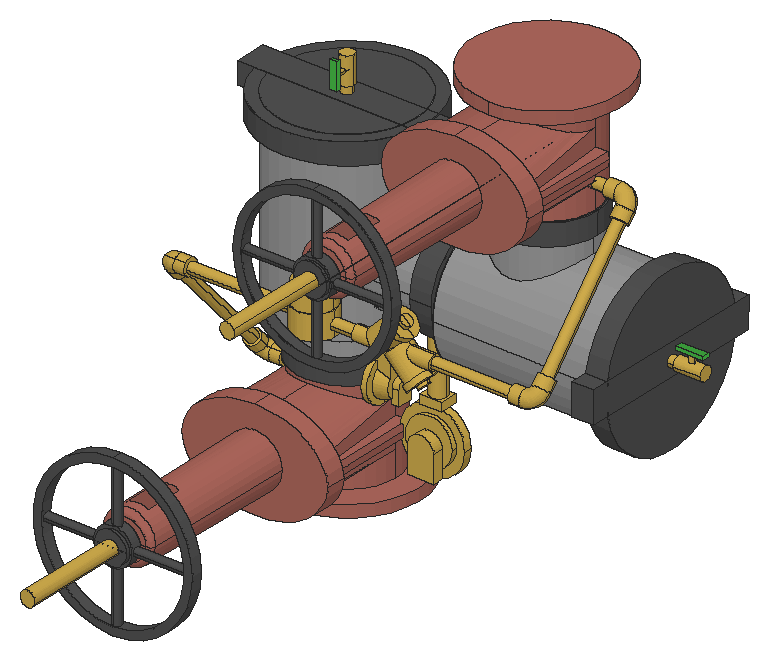
Revit family "Backflow_Preventer-RP-Zurn_Wilkins_Model_475STDAV_Flanged (4-10_inch)", category Pipe Accessories, Revit 2022 (continued)
Definition of nested family "Gate Valve_475_OSY"
  Dimensions and locks (in)
    locked: plane 1 "Center (Front/Back)" to Extrusion 9 sketch curve
    locked: plane 1 "Center (Front/Back)" to Extrusion 10 sketch curve  (x3)
    locked: plane 3 "Center (Left/Right)" to Extrusion 10 sketch curve  (x3)
    "Ball Valve Length": plane 42 to plane 1 "Center (Front/Back)"
    "Ball Valve Radius": level to plane 43
    equal spacing: plane 44, plane 1 "Center (Front/Back)", plane 45
    "Masking Length": plane 44 to plane 45
    equal spacing: Masking region 1 sketch curve, plane 1 "Center (Front/Back)", Masking region 1 sketch curve  (x3)
    "Hand Wheel Diameter": Masking region 1 sketch curve to Masking region 1 sketch curve
    "Housing Bottom Radius": Masking region 1 sketch curve to plane 1 "Center (Front/Back)"
    "Handle Height": Extrusion 10 to Masking region 1 sketch curve
    "Screw dia": Masking region 1 sketch curve to plane 1 "Center (Front/Back)"
    "Body Radius": radius of Extrusion 1 sketch curve
    "Flange Radius": radius of Extrusion 2 sketch curve
    "Body Radius": radius of Extrusion 3 sketch curve
    "Hand Wheel Radius": radius of Extrusion 10 sketch curve
    radius of Extrusion 10 sketch curve = 0' - 1 3/4"
    "Spoke Width": radius of Extrusion 10 sketch curve
    "Screw dia": radius of Extrusion 6 sketch curve
    radius of Extrusion 9 sketch curve = 0' - 1 1/2"
    "Flange Radius": radius of Masking region 1 sketch curve
    aligned: plane 5 "Right" to Extrusion 1
    aligned: Extrusion 1 to plane 4 "Left"
    aligned and locked: Extrusion 1 to plane 7 "Flange Left"
    aligned and locked: plane 8 "Flange Right" to Extrusion 1
    aligned and locked: Extrusion 2 to plane 4 "Left"
    aligned and locked: plane 7 "Flange Left" to Extrusion 2
    aligned and locked: plane 5 "Right" to Extrusion 3
    aligned and locked: plane 9 "Horizontal Flange" to Extrusion 4
    aligned and locked: Extrusion 4 to plane 12 "Horizontal Flange Bottom"
    aligned and locked: Extrusion 3 to plane 8 "Flange Right"
    aligned and locked: Extrusion 3 to plane 5 "Right"
    aligned and locked: plane 4 "Left" to Extrusion 2
    aligned and locked: Extrusion 2 to plane 7 "Flange Left"
    aligned and locked: plane 13 to Extrusion 4 sketch curve
    aligned and locked: plane 8 "Flange Right" to Extrusion 4 sketch curve
    aligned and locked: plane 7 "Flange Left" to Extrusion 4 sketch curve
    aligned and locked: plane 14 to Extrusion 4 sketch curve
    aligned and locked: plane 20 to Blend 5 sketch curve  (x2)
    aligned and locked: Blend 5 sketch curve to plane 21  (x2)
    aligned: Blend 5 to plane 30
    aligned and locked: curve 3 to plane 14
    aligned and locked: curve 4 to plane 7 "Flange Left"
    aligned and locked: plane 4 "Left" to curve 2
    aligned and locked: plane 12 "Horizontal Flange Bottom" to Blend 5
    aligned and locked: Blend 5 to level
    aligned and locked: Revolve 7 sketch curve to plane 38
    aligned and locked: plane 39 to Extrusion 8 sketch curve
    aligned and locked: plane 40 to Extrusion 8 sketch curve
    aligned and locked: plane 9 "Horizontal Flange" to cut or joined group of Revolve 7, Extrusion 8
    aligned and locked: plane 6 to Extrusion 6
    aligned and locked: plane 37 to Revolve 11 sketch curve
    aligned and locked: Revolve 11 sketch curve to plane 37
    aligned and locked: plane 37 to Revolve 12 sketch curve
    aligned and locked: Extrusion 6 to level
    aligned and locked: plane 1 "Center (Front/Back)" to Revolve 7 sketch curve
    aligned and locked: Revolve 7 sketch curve to Revolve 7 sketch curve
    aligned and locked: curve 1 to plane 13
    aligned and locked: Masking region 1 sketch curve to Extrusion 10  (x2)
    aligned and locked: Masking region 1 sketch curve to plane 9 "Horizontal Flange"  (x2)
    aligned and locked: Masking region 1 sketch curve to plane 16
    aligned and locked: plane 12 "Horizontal Flange Bottom" to Masking region 1 sketch curve  (x2)
    aligned and locked: Masking region 1 sketch curve to plane 13
    aligned and locked: plane 1 "Center (Front/Back)" to Masking region 1 sketch curve
    aligned and locked: level to Masking region 1 sketch curve
    aligned and locked: plane 12 "Horizontal Flange Bottom" to Masking region 1
    aligned and locked: plane 17 to Masking region 1 sketch curve
    aligned and locked: Masking region 1 sketch curve to plane 14
    aligned and locked: Masking region 1 sketch curve to Masking region 1 sketch curve
    aligned and locked: Masking region 1 to plane 6
  Automatic sketch dimensions
    Extrusion 4 sketch curve to plane 3 "Center (Left/Right)" = 0' - 0"  (x2)
    plane 1 "Center (Front/Back)" to Extrusion 4 sketch curve = 0' - 0"  (x2)
    plane 1 "Center (Front/Back)" to Blend 5 sketch curve = 0' - 0"  (x10)
    Blend 5 sketch curve to plane 18 = 0' - 0"  (x2)
    Blend 5 sketch curve to plane 28 = 0' - 0"  (x2)
    Blend 5 sketch curve to plane 29 = 0' - 0"  (x2)
    Blend 5 sketch curve to plane 3 "Center (Left/Right)" = 0' - 0"  (x12)
    Blend 5 sketch curve to plane 19 = 0' - 0"  (x2)
    Blend 5 sketch curve to plane 17 = 0' - 0"  (x14)
    plane 17 to Blend 5 sketch curve = 0' - 0.08399"  (x2)
    Blend 5 sketch curve to plane 3 "Center (Left/Right)" = 0' - 0 5/8"  (x4)
    Blend 5 sketch curve to plane 16 = 0' - 0.08399"  (x4)
    plane 3 "Center (Left/Right)" to Blend 5 sketch curve = 0' - 0 5/8"  (x4)
    Blend 5 sketch curve to Blend 5 sketch curve = 0' - 0.08399"
    Blend 5 sketch curve to Blend 5 sketch curve = 0' - 0.41601"
    plane 38 to Revolve 7 sketch curve = 0' - 0 1/2"
    plane 38 to Revolve 7 sketch curve = 0' - 0.48903"
    Revolve 7 sketch curve to plane 30 = 0' - 3 15/16"
    Revolve 7 sketch curve to plane 37 = 0' - 0 3/8"
    plane 37 to Revolve 7 sketch curve = 0' - 0 7/8"
    Revolve 11 sketch curve to plane 33 = 0' - 0 1/4"
    plane 33 to Revolve 11 sketch curve = 0' - 0 1/2"
    Revolve 12 sketch curve to plane 37 = 0' - 0"
    Revolve 12 sketch curve to Revolve 12 sketch curve = 0' - 0 1/4"
    Revolve 12 sketch curve to Revolve 12 sketch curve = 0' - 1 1/4"
    Masking region 1 sketch curve to plane 6 = 0' - 0"
Definition of nested family "475STDAV Bypass"
  Parameters (values of type "DA Bypass")
    Weight = ""
    Relief = 0' - 3"
    Pipe fitting length [instance] = DA length + 0' 4"  # 3' - 1"
    Pipe fitting Height [instance] = 1' - 4"
    Pipe angle = 42.00°
    Pipe Fitting Bottom Width [instance] = 1' - 0"
    Model = "10\" By-Pass Backflow Assembly"
    Manufacturer = "Zurn Wilkins"
    MR Length [instance] = 3' - 2 1/2"
    MR Height [instance] = 1' - 1 1/2"
    Loss Method = (empty or 0)
    Description = "10\" By-Pass Backflow Assembly"
    Default Elevation = 0' - 0"
    DA length [instance] = 2' - 9"
    DA Strainer Distence from Middle = 0' - 0 3/4"
    DA Radius = 0' - 1 29/32"
    DA Length = 2' - 10 1/2"
    DA Distance from Middle = 0' - 3 1/2"
    DA Distance from Center = 0' - 10 1/2"
    Assembly Code = ""
  Reference planes (in)
    plane 1 "Center (Front/Back)": y = -3.06876
    plane 2: z = 0
    plane 3 "Center (Left/Right)": x = -2.01587
    plane 4 "DA top": z = 0
    plane 5: y = 7.43124
    plane 6: y = 0.0006
    plane 7: x = -1.26587
    plane 8: x = 9.39724
    plane 9: z = 0
    plane 10: z = 17.40667
    plane 11: y = 7.43124
    plane 12: x = -5.51587
    plane 13: x = -18.51587
    plane 14: x = 14.48413
    plane 15: through (0, 7.43124, 0) normal (0, -0.7431, -0.6691)
    plane 16: through (0, 7.73591, 0.282) normal (0, 0.6691, -0.7431)
    plane 17 "End": y = 5.52499
    plane 18: y = 19.02499
    plane 19: x = -21.26587
    plane 20: x = 17.23413
    plane 21: y = 6.64999
    plane 22: y = 6.08749
    plane 23: x = 5.60913
    plane 24: x = 4.67163
    plane 25: x = -0.17212
    plane 26: x = 0.42163
    plane 27: z = -3
    plane 28: x = 1.35419
    plane 29: y = 5.985
    plane 30: through (0, 7.43124, 0) normal (0, 0.7431, -0.6691)
    plane 31: through (0, 7.12657, 0.282) normal (0, 0.6691, 0.7431)
  Forms (in)
    Revolve 1, solid, detail levels fine
      sketch origin (-1.69517, 7.43124, -8.68954) x (1, 0, 0) y (0, 0, 1)
        loop
          line (2.25669, 8.81624) -> (4.73201, 11.29156) -> (4.3615, 11.66207) -> (4.11531, 11.41588) -> (3.54468, 11.98651) -> (3.16996, 11.61179) -> (3.29442, 11.48733) -> (1.44001, 9.63292) -> (2.25669, 8.81624)
        axis (2.25669, 8.81624) -> (4.73201, 11.29156)
      angle from 0 to 360
    Revolve 2, solid, detail levels fine
      sketch origin (-8.13314, 7.43124, 2.61426) x (0, 0, -1) y (1, 0, 0)
        loop
          line (2.42492, 10.365) -> (4.90023, 12.84031) -> (4.52973, 13.21082) -> (4.28354, 12.96464) -> (3.71291, 13.53527) -> (3.33819, 13.16055) -> (3.46265, 13.03608) -> (1.60824, 11.18168) -> (2.42492, 10.365)
        axis (2.42492, 10.365) -> (4.90023, 12.84031)
      angle from 0 to 360
    Revolve 3, solid, detail levels fine
      sketch origin (0.85229, 7.43124, -8.18323) x (1, 0, 0) y (0, 0, 1)
        loop
          line (-2.39177, 8.18323) -> (4.76633, 8.18323) -> (4.76633, 8.85367) -> (-2.39177, 8.85367) -> (-2.39177, 8.18323)
        axis (-2.39177, 8.18323) -> (4.76633, 8.18323)
      angle from 0 to 360
    Revolve 4, solid, not visible, detail levels fine
      sketch origin (8.96794, 0.0006, 8.71713) x (1, 0, 0) y (0, 0, 1)
        loop
          line (2.25669, 8.81624) -> (4.73201, 11.29156) -> (4.3615, 11.66207) -> (4.11531, 11.41588) -> (3.54468, 11.98651) -> (3.16996, 11.61179) -> (3.29442, 11.48733) -> (1.44001, 9.63292) -> (2.25669, 8.81624)
        axis (2.25669, 8.81624) -> (4.73201, 11.29156)
      angle from 0 to 360
    Revolve 5, solid, not visible, detail levels fine
      sketch origin (2.52997, 0.0006, 20.02093) x (0, 0, -1) y (1, 0, 0)
        loop
          line (2.42492, 10.365) -> (4.90023, 12.84031) -> (4.52973, 13.21082) -> (4.28354, 12.96464) -> (3.71291, 13.53527) -> (3.33819, 13.16055) -> (3.46265, 13.03608) -> (1.60824, 11.18168) -> (2.42492, 10.365)
        axis (2.42492, 10.365) -> (4.90023, 12.84031)
      angle from 0 to 360
    Revolve 6, solid, not visible, detail levels fine
      sketch origin (11.5154, 0.0006, 9.22344) x (1, 0, 0) y (0, 0, 1)
        loop
          line (-2.39177, 8.18323) -> (4.76633, 8.18323) -> (4.76633, 8.85367) -> (-2.39177, 8.85367) -> (-2.39177, 8.18323)
        axis (-2.39177, 8.18323) -> (4.76633, 8.18323)
      angle from 0 to 360
    Sweep 7, solid, detail levels fine
      path origin (0, 0, 0) x (1, 0, 0) y (0, 1, 0)
        loop
          line (-18.51587, 7.43124) -> (14.48413, 7.43124)
      profile origin (-2.01587, 7.43124, 0) x (0, 1, 0) y (0, 0, 1)
        loop
          circle (0, 0) r 0.5
    Revolve 8, solid, detail levels fine
      sketch origin (-24.22257, 7.43124, 48) x (-1, 0, 0) y (0, 0, 1)
        loop
          line (-18.7067, -49.09375) -> (-16.80045, -49.09375) -> (-16.80045, -46.84375) -> (-16.8942, -46.84375) -> (-16.8942, -45.22607)
          arc (-16.8942, -45.22607) -> (-17.0794, -44.77895) -> (-17.52652, -44.59375) r 0.63232
          line (-17.52652, -44.59375) -> (-18.7067, -44.59375) -> (-18.7067, -49.09375)
        axis (-18.7067, -49.09375) -> (-18.7067, -44.59375)
      angle from 0 to 360
    Revolve 9, solid, detail levels fine
      sketch origin (-24.22257, 7.43124, 48) x (-1, 0, 0) y (0, 0, 1)
        loop
          line (-24.6442, -51) -> (-24.6442, -49) -> (-25.1442, -49) -> (-25.1442, -49.5625) -> (-26.3942, -49.89744) -> (-26.3942, -51) -> (-24.6442, -51)
        axis (-24.6442, -51) -> (-26.3942, -51)
      angle from 0 to 360
    Extrusion 10, solid, detail levels fine
      sketch origin (-2.01587, 0, -0.5) x (0, 1, 0) y (0, 0, 1)
        loop
          line (8.08749, -3.875) -> (8.08749, -2.5)
          arc (8.08749, -2.5) -> (7.43124, -1.84375) -> (6.77499, -2.5) r 0.65625
          line (6.77499, -2.5) -> (6.77499, -3.875) -> (8.08749, -3.875)
      from 4.1875 to 4.875
    Extrusion 11, solid, detail levels fine
      sketch origin (-2.01587, 0, 0) x (0, 1, 0) y (0, 0, 1)
        loop
          line (8.24396, 0) -> (6.61851, 0) -> (6.61851, -3) -> (8.24396, -3) -> (8.24396, 0)
      from 2.4375 to 4.1875
  Cuts and joins
    joined: Revolve 1, Revolve 2, Revolve 3, Sweep 7, Revolve 8
    joined: Revolve 9, Extrusion 10, Extrusion 11
  Lines and regions (in)
    Masking region 1, detail levels fine
      outline origin (0, 0, 0) x (1, 0, 0) y (0, 1, 0)
        loop
          line (-21.26587, 19.02499) -> (-21.26587, 6.64999) -> (-7.25468, 6.64999)
          arc (-7.25468, 6.64999) -> (-5.51587, 5.52499) -> (-3.77707, 6.64999) r 1.90625
          line (-3.77707, 6.64999) -> (-0.17212, 6.64999) -> (0.42163, 6.08749) -> (0.42163, 5.42917) -> (0.92163, 5.42917) -> (0.92163, 5.985) -> (1.35419, 6.08749) -> (4.67163, 6.08749) -> (5.60913, 6.64999) -> (17.23413, 6.64999) -> (17.23413, 19.02499) -> (-21.26587, 19.02499)
  Dimensions and locks (in)
    Revolve 2 sketch curve to Revolve 2 sketch curve to Revolve 3 to Revolve 2 sketch curve to Revolve 2 sketch curve = 0' - 0.34816" locked, 0' - 0.14971" locked, 0' - 0.38023" locked, 0' - 2.62253" locked
    Revolve 3 to Revolve 2 sketch curve to Revolve 2 sketch curve to Revolve 2 sketch curve to Revolve 2 sketch curve = 0' - 0.45588" locked, 0' - 0.17602" locked, 0' - 0.63098" locked, 0' - 0.52398" locked
    locked: Revolve 2 sketch curve to Revolve 3 at 0.91145
    Revolve 1 sketch curve to Revolve 1 sketch curve to Revolve 1 sketch curve to Revolve 1 sketch curve to Revolve 3 = 0' - 0.17602" locked, 0' - 0.63098" locked, 0' - 0.52398" locked, 0' - 3.19143" locked
    Revolve 1 sketch curve to Revolve 1 sketch curve to Revolve 1 sketch curve to Revolve 1 sketch curve to Revolve 3 = 0' - 0.34816" locked, 0' - 0.52994" locked, 0' - 2.62253" locked, 0' - 2.04929" locked
    Revolve 5 sketch curve to Revolve 5 sketch curve to Revolve 6 to Revolve 5 sketch curve to Revolve 5 sketch curve = 0' - 0.34816" locked, 0' - 0.14971" locked, 0' - 0.38023" locked, 0' - 2.62253" locked
    Revolve 6 to Revolve 5 sketch curve to Revolve 5 sketch curve to Revolve 5 sketch curve to Revolve 5 sketch curve = 0' - 0.45588" locked, 0' - 0.17602" locked, 0' - 0.63098" locked, 0' - 0.52398" locked
    locked: Revolve 5 sketch curve to Revolve 6 at 0.91145
    Revolve 4 sketch curve to Revolve 4 sketch curve to Revolve 4 sketch curve to Revolve 4 sketch curve to Revolve 6 = 0' - 0.17602" locked, 0' - 0.63098" locked, 0' - 0.52398" locked, 0' - 3.19143" locked
    Revolve 4 sketch curve to Revolve 4 sketch curve to Revolve 4 sketch curve to Revolve 4 sketch curve to Revolve 6 = 0' - 0.34816" locked, 0' - 0.52994" locked, 0' - 2.62253" locked, 0' - 2.04929" locked
    Revolve 3 sketch curve to plane 7 to Revolve 3 sketch curve = 0' - 6.88449" locked, 0' - 0.2736" locked
    locked: Revolve 3 sketch curve to Revolve 3 sketch curve at 0.67043
    Revolve 6 sketch curve to plane 8 to Revolve 6 sketch curve = 0' - 6.88449" locked, 0' - 0.2736" locked
    locked: Revolve 6 sketch curve to Revolve 6 sketch curve at 0.67043
    "DA Distance from Center": plane 11 to plane 1 "Center (Front/Back)"
    locked: level to Sweep 7 sketch curve
    "DA Strainer Distence from Middle": plane 3 "Center (Left/Right)" to plane 7
    "DA Distance from Middle": plane 12 to plane 3 "Center (Left/Right)"
    "DA Radius": Revolve 8 sketch curve to Revolve 8 sketch curve
    locked: Revolve 8 sketch curve to Revolve 8 sketch curve at 1.8125
    locked: Revolve 8 sketch curve to Revolve 8 sketch curve at 2.25  (x2)
    locked: level to Revolve 8 sketch curve at 1.09375
    Revolve 8 sketch curve to level = 0' - 1 5/32"
    equal spacing: plane 13, plane 3 "Center (Left/Right)", plane 14  (x2)
    "DA length": plane 13 to plane 14
    "DA Radius": plane 11 to plane 17 "End"
    "MR Height": plane 18 to plane 17 "End"
    plane 11 to plane 17 "End" = 0' - 1 29/32"
    equal spacing: plane 19, plane 3 "Center (Left/Right)", plane 20
    "MR Length": plane 19 to plane 20
    locked: plane 11 to plane 21 at 0.78125
    locked: plane 22 to plane 21 at 0.5625
    locked: plane 3 "Center (Left/Right)" to plane 25 at 1.84375
    locked: plane 25 to plane 26 at 0.59375
    locked: plane 3 "Center (Left/Right)" to plane 24 at 6.6875
    locked: plane 24 to plane 23 at 0.9375
    "Relief": level to plane 27
    locked: Revolve 9 sketch curve to plane 27 at 2
    locked: Revolve 9 sketch curve to plane 27 at 1.10256
    locked: Revolve 9 sketch curve to plane 27 at 1.4375
    equal spacing: Extrusion 10 sketch curve, plane 11, Extrusion 10 sketch curve
    locked: Extrusion 10 to Extrusion 10 at 0.6875
    locked: plane 26 to Revolve 9 sketch curve at 0.5
    locked: Revolve 9 sketch curve to Revolve 9 sketch curve at 1.75
    equal spacing: Extrusion 11 sketch curve, plane 11, Extrusion 11 sketch curve
    locked: Masking region 1 to plane 17 "End" at 0.09582
    locked: plane 26 to plane 28 at 0.93256
    locked: plane 17 "End" to plane 29 at 0.46002
    radius of Sweep 7 sketch curve = 0' - 0 1/2"
    radius of Revolve 8 sketch curve = 0' - 0.63232"
    radius of Masking region 1 sketch curve = 0' - 1 29/32"
    locked: Revolve 2 sketch curve to Revolve 3 (angle 45.00°)
    locked: Revolve 3 to Revolve 1 sketch curve (angle 45.00°)
    locked: Revolve 5 sketch curve to Revolve 6 (angle 45.00°)
    locked: Revolve 6 to Revolve 4 sketch curve (angle 45.00°)
    "Pipe angle": angle plane 15 to plane 11
    "Pipe angle": angle plane 16 to level
    angle plane 21 to plane 30 = 42.00°
    aligned and locked: plane 5 to Revolve 1
    aligned and locked: plane 5 to Revolve 3
    aligned and locked: plane 6 to Revolve 4
    aligned and locked: plane 6 to Revolve 6
    aligned and locked: plane 4 "DA top" to plane 9
    aligned and locked: level to plane 4 "DA top"
    aligned and locked: plane 11 to plane 5
    aligned and locked: Revolve 8 sketch curve to Revolve 8 sketch curve
    aligned and locked: plane 12 to Revolve 8 sketch curve
    aligned and locked: plane 13 to Sweep 7 sketch curve
    aligned and locked: plane 14 to Sweep 7 sketch curve
    aligned and locked: Masking region 1 sketch curve to plane 18
    aligned and locked: plane 19 to Masking region 1 sketch curve
    aligned and locked: plane 20 to Masking region 1 sketch curve
    aligned and locked: plane 21 to Masking region 1 sketch curve  (x5)
    aligned and locked: Masking region 1 sketch curve to plane 21
    aligned and locked: plane 25 to Masking region 1 sketch curve
    aligned and locked: plane 26 to Masking region 1 sketch curve
    aligned and locked: Masking region 1 sketch curve to plane 22
    aligned and locked: plane 22 to Masking region 1 sketch curve
    aligned and locked: plane 24 to Masking region 1 sketch curve
    aligned and locked: plane 23 to Masking region 1 sketch curve
    aligned and locked: plane 12 to Masking region 1 sketch curve
    aligned and locked: plane 11 to Masking region 1 sketch curve
    aligned and locked: plane 2 to level
    aligned and locked: Revolve 9 sketch curve to plane 27
    aligned and locked: plane 11 to Extrusion 10 sketch curve
    aligned and locked: plane 27 to Extrusion 10 sketch curve
    aligned and locked: plane 26 to Revolve 9 sketch curve
    aligned and locked: Extrusion 10 to Revolve 9
    aligned and locked: Extrusion 11 to plane 26
    aligned and locked: level to Extrusion 11
    aligned and locked: Extrusion 11 to plane 27
    aligned and locked: Revolve 9 to Extrusion 11
    aligned and locked: Masking region 1 sketch curve to cut or joined group of Revolve 9, Extrusion 10, Extrusion 11
    aligned and locked: plane 29 to Masking region 1 sketch curve
    aligned and locked: plane 28 to Masking region 1 sketch curve
    aligned and locked: nested 1 to plane 3 "Center (Left/Right)"
    aligned and locked: plane 15 to nested 1
    aligned and locked: plane 16 to nested 1
    aligned and locked: nested 2 to plane 31
    aligned and locked: nested 2 to plane 30
    aligned and locked: nested 2 to plane 3 "Center (Left/Right)"
  Automatic sketch dimensions
    plane 9 to Revolve 1 sketch curve = 0' - 0.1267"
    plane 9 to Revolve 1 sketch curve = 0' - 0.77703"
    plane 9 to Revolve 1 sketch curve = 0' - 1.37155"
    Revolve 2 sketch curve to Revolve 2 sketch curve = 0' - 0.1154"
    Revolve 2 sketch curve to plane 9 = 0' - 1.05551"
    Revolve 2 sketch curve to Revolve 2 sketch curve = 0' - 1.42624"
    Revolve 3 sketch curve to plane 9 = 0' - 0"  (x2)
    Revolve 3 sketch curve to Revolve 3 sketch curve = 0' - 0.94376"
    Revolve 3 sketch curve to Revolve 3 sketch curve = 0' - 1 1/4"
    plane 10 to Revolve 4 sketch curve = 0' - 0.1267"
    plane 10 to Revolve 4 sketch curve = 0' - 0.77703"
    plane 10 to Revolve 4 sketch curve = 0' - 1.37155"
    Revolve 5 sketch curve to Revolve 5 sketch curve = 0' - 0.1154"
    Revolve 5 sketch curve to plane 10 = 0' - 1.05551"
    Revolve 5 sketch curve to Revolve 5 sketch curve = 0' - 1.42624"
    Revolve 6 sketch curve to plane 10 = 0' - 0"  (x2)
    Revolve 6 sketch curve to Revolve 6 sketch curve = 0' - 0.94376"
    Revolve 6 sketch curve to Revolve 6 sketch curve = 0' - 1 1/4"
    Sweep 7 sketch curve to plane 5 = 0' - 0"
    Sweep 7 sketch curve to profile plane = 0' - 0"
    plane 21 to Extrusion 10 sketch curve = 0' - 0 1/8"
    Extrusion 10 sketch curve to plane 27 = 0' - 1 3/8"
    Revolve 9 sketch curve to plane 27 = 0' - 0"
    plane 26 to Revolve 9 sketch curve = 0' - 0 9/16"
    plane 12 to Revolve 9 sketch curve = 0' - 1 1/4"
    Extrusion 11 sketch curve to plane 21 = 0' - 0.03147"
    Extrusion 11 sketch curve to plane 27 = 0' - 0"
    plane 27 to Extrusion 11 sketch curve = 0' - 3"
    plane 17 "End" to Masking region 1 sketch curve = 0' - 0.09582"
    Revolve 8 sketch curve to level = 0' - 0.47137"
    Revolve 8 sketch curve to Revolve 8 sketch curve = 0' - 0.81868"
  Nested families (in)
    nested 1: "475STDAV" at (-2.01587, 12.78047, -5.94092) x (1, 0, 0) z (0, -0.6691, 0.7431), Bottom End Connection width <- "Pipe Fitting Bottom Width", Pipe Length <- "Pipe fitting length", Total pipe height <- "Pipe fitting Height", type "Pipe Fittings"
      with Total pipe height 1' - 4", Pipe Length 3' - 1", Bottom End Connection width 1' - 0"
    nested 2: "475STDAV_Right" at (-2.01587, 2.08201, -5.94092) x (1, 0, 0) z (0, 0.6691, 0.7431), Bottom End Connection width <- "Pipe Fitting Bottom Width", Pipe Length <- "Pipe fitting length", Total pipe height <- "Pipe fitting Height", type "Pipe Fittings"
      with Total pipe height 1' - 4", Pipe Length 3' - 1", Bottom End Connection width 1' - 0"
  Definition of nested family "475STDAV"
    Parameters (values of type "Pipe Fittings")
      Width = 1' - 0"
      URL = "www.zurn.com/"
      Total pipe height [instance] = 1' - 0"
      Top End Connection = 0' - 2"
      Repair Parts URL = ""
      Product data URL = ""
      Product Weight (lbs) = 0
      Product Page URL = ""
      Product Installation Sheet URL = ""
      Product Documentation Link = ""
      Pipe radius = 0' - 0 1/2"
      Pipe Length [instance] = 1' - 5"
      Nominal Radius = 0' - 0"
      Nominal Diameter = 0' - 0"
      Modified Data = ""
      Max Working Water Temperature = 0 °F
      Max Working Water Pressure = 0.00 psi
      Manufacturer Brand = "Zurn Wilkins"
      Manufacturer = "Zurn Water, LLC"
      Main Material = none
      Flow Rate (GPM) = 0 GPM
      Default Elevation = 0' - 0"
      Date Created = ""
      Bottom End Connection width [instance] = 0' - 8"
    Reference planes (in)
      plane 1 "Center (Front/Back)": y = 0
      plane 2: z = 0
      plane 3 "Center (Left/Right)": x = 0
      plane 4 "Left Side Plane": x = -8.5
      plane 5 "Right side Plane": x = 8.5
      plane 6 "Back Plane": y = 6
      plane 7 "Front Plane": y = -6
      plane 8 "Top Plane": z = 6
      plane 9 "Bottom Plane": z = -6
      plane 10: x = -6.5
      plane 11: x = 6.5
      plane 12: x = -4
      plane 13: x = 4
      plane 14: z = 18
    Forms (in)
      Sweep 1, solid, detail levels fine
        path origin (-1.25, 0, 0) x (1, 0, 0) y (0, 0, 1)
          loop
            line (-5.25, 6) -> (-6.5, 6)
            arc (-6.5, 6) -> (-7.03033, 5.78033) -> (-7.25, 5.25) r 0.75
            line (-7.25, 5.25) -> (-7.25, -5.25)
            arc (-7.25, -5.25) -> (-7.03033, -5.78033) -> (-6.5, -6) r 0.75
            line (-6.5, -6) -> (-2.75, -6)
        profile origin (-7.125, 0, 6) x (0, 0, -1) y (0, -1, 0)
          loop
            circle (0, 0) r 0.5
      Sweep 2, solid, detail levels fine
        path origin (0, 0, 0) x (1, 0, 0) y (0, 0, 1)
          loop
            line (-6.5, 6) -> (-7.5, 6)
            arc (-7.5, 6) -> (-8.20711, 5.70711) -> (-8.5, 5) r 1
            line (-8.5, 5) -> (-8.5, 4)
        profile origin (-7, 0, 6) x (0, 0, -1) y (0, -1, 0)
          loop
            circle (0, 0) r 0.75
      Sweep 3, solid, detail levels fine
        path origin (0, 0, 0) x (1, 0, 0) y (0, 0, 1)
          loop
            line (-6.5, -6) -> (-7.5, -6)
            arc (-7.5, -6) -> (-8.20711, -5.70711) -> (-8.5, -5) r 1
            line (-8.5, -5) -> (-8.5, -4)
        profile origin (-7, 0, -6) x (0, 0, -1) y (0, -1, 0)
          loop
            circle (0, 0) r 0.75
    Cuts and joins
      joined: Sweep 1, Sweep 2, Sweep 3
    Dimensions and locks (in)
      equal spacing: plane 5 "Right side Plane", plane 3 "Center (Left/Right)", plane 4 "Left Side Plane"
      "Pipe Length": plane 5 "Right side Plane" to plane 4 "Left Side Plane"
      equal spacing: plane 8 "Top Plane", plane 2, plane 9 "Bottom Plane"
      "Total pipe height": plane 8 "Top Plane" to plane 9 "Bottom Plane"
      equal spacing: plane 7 "Front Plane", plane 1 "Center (Front/Back)", plane 6 "Back Plane"
      "Width": plane 7 "Front Plane" to plane 6 "Back Plane"
      "Top End Connection": plane 10 to plane 4 "Left Side Plane"
      "Top End Connection": plane 5 "Right side Plane" to plane 11
      Sweep 2 sketch curve to plane 4 "Left Side Plane" = 0' - 2"
      plane 8 "Top Plane" to Sweep 2 sketch curve = 0' - 2"
      locked: Sweep 3 sketch curve to plane 9 "Bottom Plane" at 2
      locked: Sweep 3 sketch curve to plane 4 "Left Side Plane" at 2
      equal spacing: plane 13, plane 3 "Center (Left/Right)", plane 12
      "Bottom End Connection width": plane 13 to plane 12
      "Total pipe height": plane 14 to plane 8 "Top Plane"
      "Pipe radius": radius of Sweep 1 sketch curve
      aligned and locked: plane 2 to level
      aligned and locked: Sweep 1 sketch curve to plane 8 "Top Plane"
      aligned and locked: plane 9 "Bottom Plane" to Sweep 1 sketch curve
      aligned and locked: Sweep 1 sketch curve to plane 4 "Left Side Plane"
      aligned and locked: plane 10 to Sweep 1 sketch curve
      aligned and locked: plane 4 "Left Side Plane" to Sweep 3 sketch curve
      aligned and locked: Sweep 3 sketch curve to plane 9 "Bottom Plane"
      aligned and locked: plane 12 to Sweep 1 sketch curve
    Automatic sketch dimensions
      Sweep 1 sketch curve to Sweep 1 sketch curve = 0' - 0 3/4"
      plane 4 "Left Side Plane" to Sweep 1 sketch curve = 0' - 0 3/4"
      Sweep 2 sketch curve to plane 4 "Left Side Plane" = 0' - 0"
      Sweep 2 sketch curve to plane 8 "Top Plane" = 0' - 0"
      plane 4 "Left Side Plane" to Sweep 2 sketch curve = 0' - 1"
      Sweep 2 sketch curve to plane 1 "Center (Front/Back)" = 0' - 0"
      Sweep 2 sketch curve to profile plane = 0' - 0"
      plane 4 "Left Side Plane" to Sweep 3 sketch curve = 0' - 1"
      Sweep 3 sketch curve to plane 1 "Center (Front/Back)" = 0' - 0"
      Sweep 3 sketch curve to profile plane = 0' - 0"
      Sweep 1 sketch curve to plane 1 "Center (Front/Back)" = 0' - 0"
      Sweep 1 sketch curve to profile plane = 0' - 0"
      radius of Sweep 2 sketch curve = 0' - 0 3/4"
      radius of Sweep 3 sketch curve = 0' - 0 3/4"
  Definition of nested family "475STDAV_Right"
    Parameters (values of type "Pipe Fittings")
      Width = 1' - 0"
      URL = "www.zurn.com/"
      Total pipe height [instance] = 1' - 0"
      Top End Connection = 0' - 2"
      Repair Parts URL = ""
      Product data URL = ""
      Product Weight (lbs) = 0
      Product Page URL = ""
      Product Installation Sheet URL = ""
      Product Documentation Link = ""
      Pipe radius = 0' - 0 1/2"
      Pipe Length [instance] = 1' - 5"
      Nominal Radius = 0' - 0"
      Nominal Diameter = 0' - 0"
      Modified Data = ""
      Max Working Water Temperature = 0 °F
      Max Working Water Pressure = 0.00 psi
      Manufacturer Brand = "Zurn Wilkins"
      Manufacturer = "Zurn Water, LLC"
      Main Material = none
      Flow Rate (GPM) = 0 GPM
      Default Elevation = 0' - 0"
      Date Created = ""
      Bottom End Connection width [instance] = 0' - 8"
    Reference planes (in)
      plane 1 "Center (Front/Back)": y = 0
      plane 2: z = 0
      plane 3 "Center (Left/Right)": x = 0
      plane 4 "Left Side Plane": x = -8.5
      plane 5 "Right side Plane": x = 8.5
      plane 6 "Back Plane": y = 6
      plane 7 "Front Plane": y = -6
      plane 8 "Top Plane": z = 6
      plane 9 "Bottom Plane": z = -6
      plane 10: x = -6.5
      plane 11: x = 6.5
      plane 12: x = -4
      plane 13: x = 4
      plane 14: z = 18
    Forms (in)
      Sweep 1, solid, detail levels fine
        path origin (0, 0, 0) x (-1, 0, 0) y (0, 0, -1)
          loop
            line (-6.5, -6) -> (-7.75, -6)
            arc (-7.75, -6) -> (-8.28033, -6.21967) -> (-8.5, -6.75) r 0.75
            line (-8.5, -6.75) -> (-8.5, -17.25)
            arc (-8.5, -17.25) -> (-8.28033, -17.78033) -> (-7.75, -18) r 0.75
            line (-7.75, -18) -> (-4, -18)
        profile origin (7.125, 0, 6) x (0, 0, 1) y (0, -1, 0)
          loop
            circle (0, 0) r 0.5
      Sweep 2, solid, detail levels fine
        path origin (0, 0, 0) x (-1, 0, 0) y (0, 0, -1)
          loop
            line (-6.5, -6) -> (-7.5, -6)
            arc (-7.5, -6) -> (-8.20711, -6.29289) -> (-8.5, -7) r 1
            line (-8.5, -7) -> (-8.5, -8)
        profile origin (7, 0, 6) x (0, 0, 1) y (0, -1, 0)
          loop
            circle (0, 0) r 0.75
      Sweep 3, solid, detail levels fine
        path origin (0, 0, 0) x (-1, 0, 0) y (0, 0, -1)
          loop
            line (-6.5, -18) -> (-7.5, -18)
            arc (-7.5, -18) -> (-8.20711, -17.70711) -> (-8.5, -17) r 1
            line (-8.5, -17) -> (-8.5, -16)
        profile origin (7, 0, 18) x (0, 0, 1) y (0, -1, 0)
          loop
            circle (0, 0) r 0.75
    Cuts and joins
      joined: Sweep 1, Sweep 2, Sweep 3
    Dimensions and locks (in)
      equal spacing: plane 5 "Right side Plane", plane 3 "Center (Left/Right)", plane 4 "Left Side Plane"
      "Pipe Length": plane 5 "Right side Plane" to plane 4 "Left Side Plane"
      equal spacing: plane 8 "Top Plane", plane 2, plane 9 "Bottom Plane"
      "Total pipe height": plane 8 "Top Plane" to plane 9 "Bottom Plane"
      equal spacing: plane 7 "Front Plane", plane 1 "Center (Front/Back)", plane 6 "Back Plane"
      "Width": plane 7 "Front Plane" to plane 6 "Back Plane"
      "Top End Connection": plane 10 to plane 4 "Left Side Plane"
      "Top End Connection": plane 5 "Right side Plane" to plane 11
      locked: plane 5 "Right side Plane" to Sweep 2 sketch curve at 2
      equal spacing: plane 13, plane 3 "Center (Left/Right)", plane 12
      "Bottom End Connection width": plane 13 to plane 12
      "Total pipe height": plane 14 to plane 8 "Top Plane"
      locked: Sweep 3 sketch curve to Sweep 3 sketch curve at 2  (x2)
      "Pipe radius": radius of Sweep 1 sketch curve
      aligned and locked: plane 2 to level
      aligned and locked: plane 8 "Top Plane" to Sweep 1 sketch curve
      aligned and locked: plane 11 to Sweep 1 sketch curve
      aligned and locked: plane 8 "Top Plane" to Sweep 2 sketch curve
      aligned and locked: plane 14 to Sweep 1 sketch curve
      aligned and locked: plane 5 "Right side Plane" to Sweep 1 sketch curve
      aligned and locked: Sweep 3 sketch curve to plane 14
      aligned and locked: Sweep 3 sketch curve to plane 5 "Right side Plane"
    Automatic sketch dimensions
      Sweep 1 sketch curve to plane 13 = 0' - 0"
      Sweep 1 sketch curve to plane 5 "Right side Plane" = 0' - 0 3/4"
      Sweep 1 sketch curve to Sweep 1 sketch curve = 0' - 0 3/4"
      Sweep 2 sketch curve to plane 5 "Right side Plane" = 0' - 0"
      Sweep 2 sketch curve to Sweep 2 sketch curve = 0' - 1"  (x2)
      Sweep 2 sketch curve to plane 1 "Center (Front/Back)" = 0' - 0"
      profile plane to Sweep 2 sketch curve = 0' - 0"
      Sweep 3 sketch curve to Sweep 3 sketch curve = 0' - 1"
      Sweep 3 sketch curve to plane 1 "Center (Front/Back)" = 0' - 0"
      profile plane to Sweep 3 sketch curve = 0' - 0"
      Sweep 1 sketch curve to plane 1 "Center (Front/Back)" = 0' - 0"
      profile plane to Sweep 1 sketch curve = 0' - 0"
      radius of Sweep 2 sketch curve = 0' - 0 3/4"
      radius of Sweep 3 sketch curve = 0' - 0 3/4"
Definition of nested family "Symbolic diagram 475DAOSY_F"
  Parameters (values of type "8"")
    Width = 1' - 0"
    Weight = ""
    URL = "www.zurn.com/"
    Symbol total length = 3' - 6 3/16"
    Standards Compliance = ""
    Specification Sheet URL = ""
    Repair Parts URL = ""
    Rated Flow = 0 GPM
    Product Page URL = ""
    Product Install & Maintenance Sheet URL [instance] = ""
    Pressure Loss at Rated Flow = 0.00 psi
    Nominal Radius = 0' - 0"
    Nominal Diameter = 0' - 0"
    Max Working Water Temperature = 0 °F
    Max Working Water Pressure = 0.00 psi
    Manufacturer = "Zurn Wilkins"
    Length = 2' - 0"
    Hydrostatic Test Pressure = 0.00 psi
    Height = 1' - 0"
    Flow = ""
    Default Elevation = 0' - 0"
  Types (4): name | Symbol total length
    4" | 2' - 4 7/8"
    6" | 2' - 10 1/16"
    8" | 3' - 6 3/16"
    10" | 3' - 7 11/16"
  Reference planes (in)
    plane 1 "Center (Front/Back)": y = 0
    plane 2: z = 0
    plane 3 "Center (Left/Right)": x = 0
    plane 4 "Left Side Plane": x = -12
    plane 5 "Right side Plane": x = 12
    plane 6 "Back Plane": y = 6
    plane 7 "Front Plane": y = -6
    plane 8 "Top Plane": z = 6
    plane 9 "Bottom Plane": z = -6
    plane 10: z = 1.875
    plane 11: z = -1.875
    plane 12: x = 0.75
    plane 13: x = -0.75
    plane 14: x = -6.25
    plane 15: x = -7.75
    plane 16: x = -11.75
    plane 17: x = 6.25
    plane 18: x = 7.75
    plane 19: x = 11.75
    plane 20: x = -3.5
    plane 21: x = -9.75
    plane 22: x = 3.5
    plane 23: x = 9.75
    plane 24: z = 8.3125
    plane 25: z = 9.75
    plane 26: x = -21.09375
    plane 27: x = 21.09375
    plane 28: z = -4
    plane 29: z = -7.9375
    plane 30: z = -5.96875
    plane 31: z = -8.9375
    plane 32: y = 1.875
    plane 33: y = -1.875
    plane 34: y = 8.3125
    plane 35: y = 9.75
    plane 36: y = -4
    plane 37: y = -7.9375
    plane 38: y = -5.96875
    plane 39: y = 3
    plane 40: y = -8.9375
    plane 41: z = 0
    plane 42: z = -3.25
    plane 43: x = -2.25
    plane 44: x = 4.75
    plane 45: z = -2.75
    plane 46: z = -3.75
    plane 47: y = -3.25
    plane 48: y = -2.75
    plane 49: y = -3.75
    plane 50: x = 7
    plane 51: x = -7
    plane 52: z = 7.5
    plane 53: x = -5.5
    plane 54: x = -2.6875
    plane 55: z = 8.625
    plane 56: z = 6.375
    plane 57: x = -1.46875
    plane 58: x = 1.875
    plane 59: x = 2.71875
    plane 60: x = 6.0625
    plane 61: x = 2.28197
    plane 62: y = 7.5
  Lines and regions (in)
    symbolic lines, detail levels coarse+medium
      curve 1: line (-0.75, 0, 1.875) -> (-0.75, 0, -1.875)
      curve 2: line (-0.75, 0, -1.875) -> (-6.25, 0, 1.875)
      curve 3: line (-6.25, 0, 1.875) -> (-6.25, 0, -1.875)
      curve 4: line (-6.25, 0, 0) -> (-7.75, 0, 0)
      curve 5: line (-7.75, 0, -1.875) -> (-7.75, 0, 1.875)
      curve 6: line (-7.75, 0, 1.875) -> (-11.75, 0, -1.875)
      curve 7: line (-11.75, 0, -1.875) -> (-11.75, 0, 1.875)
      curve 8: line (-11.75, 0, 1.875) -> (-7.75, 0, -1.875)
      curve 9: line (-0.75, 0, 0) -> (0.75, 0, 0)
      curve 10: line (0.75, 0, -1.875) -> (0.75, 0, 1.875)
      curve 11: line (0.75, 0, 1.875) -> (6.25, 0, -1.875)
      curve 12: line (6.25, 0, -1.875) -> (6.25, 0, 1.875)
      curve 13: line (6.25, 0, 0) -> (7.75, 0, 0)
      curve 14: line (7.75, 0, -1.875) -> (7.75, 0, 1.875)
      curve 15: line (7.75, 0, 1.875) -> (11.75, 0, -1.875)
      curve 16: line (11.75, 0, -1.875) -> (11.75, 0, 1.875)
      curve 17: line (11.75, 0, 1.875) -> (7.75, 0, -1.875)
      curve 18: line (-9.75, 0, 0) -> (-9.75, 0, 9.75)
      curve 19: line (-11.75, 0, 1.875) -> (-9.75, 0, 8.3125)
      curve 20: line (-10.75, 0, 8.3125) -> (-8.75, 0, 8.3125)
      curve 21: line (10.75, 0, 8.3125) -> (8.75, 0, 8.3125)
      curve 22: line (-9.75, 0, 8.3125) -> (-7.75, 0, 1.875)
      curve 23: line (7.75, 0, 1.875) -> (9.75, 0, 8.3125)
      curve 24: line (11.75, 0, 1.875) -> (9.75, 0, 8.3125)
      curve 25: line (9.75, 0, 0) -> (9.75, 0, 9.75)
      curve 26: line (0, 0, 0) -> (0, 0, -4)
      curve 27: line (-0.75, 0, -4) -> (0.75, 0, -4)
      curve 28: line (0.75, 0, -4) -> (-0.75, 0, -7.9375)
      curve 29: line (-0.75, 0, -7.9375) -> (0.75, 0, -7.9375)
      curve 30: line (0.75, 0, -7.9375) -> (-0.75, 0, -4)
      curve 31: line (0, 0, -5.96875) -> (-3, 0, -5.96875)
      curve 32: line (-0.72619, 0, -5.5816) -> (-1.16541, 0, -6.40765)
      curve 33: line (-1.22619, 0, -5.5816) -> (-1.66541, 0, -6.40765)
      curve 34: line (-3.5, 0, 0) -> (-3.5, 0, 3)
      curve 35: line (3.5, 0, 0) -> (3.5, 0, 3)
      curve 36: line (12, 0, 0) -> (21.09375, 0, 0)
      curve 37: line (-21.09375, 0, 0) -> (-12, 0, 0)
      curve 38: line (0, 0, -7.9375) -> (0, 0, -8.9375)
      curve 79: line (-6.25, 0, -3.25) -> (-2.25, 0, -3.25)
      curve 80: line (-2.25, 0, -2.75) -> (-0.75, 0, -3.25)
      curve 81: line (-0.75, 0, -3.25) -> (-2.25, 0, -3.75)
      curve 82: line (-2.25, 0, -3.75) -> (-2.25, 0, -2.75)
      curve 83: line (0.75, 0, -3.25) -> (4.75, 0, -3.25)
      curve 84: line (4.75, 0, -2.75) -> (4.75, 0, -3.75)
      curve 85: line (4.75, 0, -2.75) -> (6.25, 0, -3.25)
      curve 86: line (6.25, 0, -3.25) -> (4.75, 0, -3.75)
      curve 95: line (0, 0, 1.875) -> (0, 0, -1.875)
      curve 96: line (0, -1.875, 0) -> (0, 1.875, 0)
      curve 97: line (-7, 0, 0) -> (-7, 0, 7.5)
      curve 98: line (-7, 0, 7.5) -> (-5.5, 0, 7.5)
      curve 99: line (-5.5, 0, 8.625) -> (-5.5, 0, 6.375)
      curve 100: line (-2.6875, 0, 8.625) -> (-2.6875, 0, 6.375)
      curve 101: line (-4.78125, 0, 6.83182) -> (-4.78125, 0, 8.125)
      curve 102: line (-4.78125, 0, 8.125) -> (-4.0625, 0, 7.21816)
      curve 103: line (-3.34375, 0, 8.125) -> (-3.34375, 0, 6.83182)
      curve 104: line (-4.0625, 0, 7.21816) -> (-3.34375, 0, 8.125)
      curve 105: line (-1.46875, 0, 8.625) -> (-1.46875, 0, 6.375)
      curve 106: line (1.875, 0, 8.625) -> (1.875, 0, 6.375)
      curve 107: line (-1.46875, 0, 8.625) -> (1.875, 0, 6.375)
      curve 108: line (0.20313, 0, 7.5) -> (0.20313, 0, 9.5)
      curve 109: line (1.78197, 0, 5.21198) -> (2.78197, 0, 5.21198)
      curve 110: line (2.78197, 0, 5.21198) -> (1.78197, 0, 2.58698)
      curve 111: line (1.78197, 0, 2.58698) -> (2.78197, 0, 2.58698)
      curve 112: line (2.78197, 0, 2.58698) -> (1.78197, 0, 5.21198)
      curve 113: line (2.28197, 0, 3.89948) -> (-0.21803, 0, 3.89948)
      curve 114: line (0.96451, 0, 4.15758) -> (0.67169, 0, 3.60688)
      curve 115: line (0.63118, 0, 4.15758) -> (0.33836, 0, 3.60688)
      curve 116: line (-2.21803, 0, 5.71198) -> (-0.05136, 0, 5.71198)
      curve 117: line (-0.05136, 0, 5.37864) -> (-0.05136, 0, 6.04531)
      curve 118: line (2.78197, 0, 5.71198) -> (4.94864, 0, 5.71198)
      curve 119: line (4.94864, 0, 6.04531) -> (4.94864, 0, 5.37864)
      curve 120: line (4.94864, 0, 6.04531) -> (5.78197, 0, 5.71198)
      curve 121: line (5.78197, 0, 5.71198) -> (4.94864, 0, 5.37864)
      curve 122: line (2.71875, 0, 8.625) -> (2.71875, 0, 6.375)
      curve 123: line (6.0625, 0, 8.625) -> (6.0625, 0, 6.375)
      curve 124: line (2.71875, 0, 8.625) -> (6.0625, 0, 6.375)
      curve 125: line (4.39063, 0, 7.5) -> (4.39063, 0, 9.5)
      curve 126: line (1.875, 0, 7.5) -> (2.71875, 0, 7.5)
      curve 127: line (2.28197, 0, 5.21198) -> (2.28197, 0, 7.5)
      curve 128: line (7, 0, 0) -> (7, 0, 7.5)
      curve 129: line (7, 0, 7.5) -> (6.0625, 0, 7.5)
      curve 130: line (-2.6875, 0, 7.5) -> (-1.46875, 0, 7.5)
      curve 131: line (-0.31502, 0, 8.8495) -> (0.72127, 0, 8.1505)
      curve 132: line (2.28197, 0, 2.58698) -> (2.28197, 0, 1.875)
      curve 167: line (-12, 0, -1.875) -> (-12, 0, 1.875)
      curve 168: line (12, 0, -1.875) -> (12, 0, 1.875)
      curve 171: line (2.84832, 0, 1.18484) -> (4.27189, 0, 0.40957)
      curve 172: line (1.32061, 0, 4.15758) -> (1.0278, 0, 3.60688)
      curve 173: line (-1.66852, 0, -5.5816) -> (-2.10775, 0, -6.40765)
      curve 174: line (-0.05136, 0, 6.04531) -> (0.78197, 0, 5.71198)
      curve 175: line (0.78197, 0, 5.71198) -> (-0.05136, 0, 5.37864)
      curve 176: line (-0.31502, 0, 8.48006) -> (0.72127, 0, 7.78107)
      curve 177: line (-0.31502, 0, 9.23006) -> (0.72127, 0, 8.53107)
      curve 178: line (3.87248, 0, 8.8495) -> (4.90877, 0, 8.1505)
      curve 179: line (3.87248, 0, 8.48006) -> (4.90877, 0, 7.78107)
      curve 180: line (3.87248, 0, 9.23006) -> (4.90877, 0, 8.53107)
      curve 194: arc (-5.5, 0, 8.625) -> (-4.09375, 0, 8.95577) -> (-2.6875, 0, 8.625) r 3.15472
      curve 195: arc (-5.5, 0, 6.375) -> (-4.09375, 0, 6.04423) -> (-2.6875, 0, 6.375) r 3.15472
      curve 196: line (2.84832, 0, 1.68484) -> (4.27189, 0, 0.90957)
      curve 197: line (2.84832, 0, 2.18484) -> (4.27189, 0, 1.40957)
      curve 198: line (-4.15168, 0, 1.18484) -> (-2.72811, 0, 0.40957)
      curve 199: line (-4.15168, 0, 1.68484) -> (-2.72811, 0, 0.90957)
      curve 200: line (-4.15168, 0, 2.18484) -> (-2.72811, 0, 1.40957)
    model lines, detail levels coarse+medium
      curve 39: line (-0.75, 1.875, 0) -> (-0.75, -1.875, 0)
      curve 40: line (-0.75, -1.875, 0) -> (-6.25, 1.875, 0)
      curve 41: line (-6.25, 1.875, 0) -> (-6.25, -1.875, 0)
      curve 42: line (-6.25, 0, 0) -> (-7.75, 0, 0)
      curve 43: line (-7.75, 1.875, 0) -> (-7.75, -1.875, 0)
      curve 44: line (-7.75, -1.875, 0) -> (-11.75, 1.875, 0)
      curve 45: line (-11.75, 1.875, 0) -> (-11.75, -1.875, 0)
      curve 46: line (-11.75, -1.875, 0) -> (-7.75, 1.875, 0)
      curve 47: line (-12.25, 0, 0) -> (-21.09375, 0, 0)
      curve 48: line (0.75, -1.875, 0) -> (0.75, 1.875, 0)
      curve 49: line (0.75, 1.875, 0) -> (6.25, -1.875, 0)
      curve 50: line (6.25, -1.875, 0) -> (6.25, 1.875, 0)
      curve 51: line (6.25, 0, 0) -> (7.75, 0, 0)
      curve 52: line (7.75, 1.875, 0) -> (7.75, -1.875, 0)
      curve 53: line (7.75, -1.875, 0) -> (11.75, 1.875, 0)
      curve 54: line (7.75, 1.875, 0) -> (11.75, -1.875, 0)
      curve 55: line (11.75, -1.875, 0) -> (11.75, 1.875, 0)
      curve 56: line (12.25, 0, 0) -> (21.09375, 0, 0)
      curve 57: line (-0.75, 0, 0) -> (0.75, 0, 0)
      curve 58: line (-10.75, 8.3125, 0) -> (-8.75, 8.3125, 0)
      curve 59: line (-9.75, 0, 0) -> (-9.75, 9.75, 0)
      curve 60: line (-11.75, 1.875, 0) -> (-9.75, 8.3125, 0)
      curve 61: line (-7.75, 1.875, 0) -> (-9.75, 8.3125, 0)
      curve 62: line (8.75, 8.3125, 0) -> (10.75, 8.3125, 0)
      curve 63: line (9.75, 9.75, 0) -> (9.75, 0, 0)
      curve 64: line (7.75, 1.875, 0) -> (9.75, 8.3125, 0)
      curve 65: line (11.75, 1.875, 0) -> (9.75, 8.3125, 0)
      curve 66: line (0.75, -4, 0) -> (-0.75, -4, 0)
      curve 67: line (-0.75, -4, 0) -> (0.75, -7.9375, 0)
      curve 68: line (0.75, -7.9375, 0) -> (-0.75, -7.9375, 0)
      curve 69: line (-0.75, -7.9375, 0) -> (0.75, -4, 0)
      curve 70: line (0, 0, 0) -> (0, -4, 0)
      curve 71: line (0, -5.96875, 0) -> (-3, -5.96875, 0)
      curve 72: line (-0.92454, -5.42627, 0) -> (-1.36921, -6.47385, 0)
      curve 73: line (-1.42454, -5.42627, 0) -> (-1.86921, -6.47385, 0)
      curve 74: line (-3.5, 0, 0) -> (-3.5, 3, 0)
      curve 75: line (3.5, 0, 0) -> (3.5, 3, 0)
      curve 76: line (-4.19317, 1.55006, 0) -> (-3.05759, 0.7758, 0)
      curve 77: line (-4.06779, 1.97538, 0) -> (-2.93221, 1.20113, 0)
      curve 78: line (0, -7.9375, 0) -> (0, -8.9375, 0)
      curve 87: line (-6.25, -3.25, 0) -> (-2.25, -3.25, 0)
      curve 88: line (-2.25, -2.75, 0) -> (-2.25, -3.75, 0)
      curve 89: line (-2.25, -3.75, 0) -> (-0.75, -3.25, 0)
      curve 90: line (-0.75, -3.25, 0) -> (-2.25, -2.75, 0)
      curve 91: line (0.75, -3.25, 0) -> (4.75, -3.25, 0)
      curve 92: line (4.75, -2.75, 0) -> (4.75, -3.75, 0)
      curve 93: line (4.75, -3.75, 0) -> (6.25, -3.25, 0)
      curve 94: line (6.25, -3.25, 0) -> (4.75, -2.75, 0)
      curve 133: line (1.875, 8.75, 0) -> (1.875, 6, 0)
      curve 134: line (1.875, 6, 0) -> (-1.46875, 8.75, 0)
      curve 135: line (-1.46875, 8.75, 0) -> (-1.46875, 6, 0)
      curve 136: line (-1.46875, 7.5, 0) -> (-2.6875, 7.5, 0)
      curve 137: line (2.71875, 6, 0) -> (2.71875, 8.80268, 0)
      curve 138: line (2.71875, 8.80268, 0) -> (6.0625, 6, 0)
      curve 139: line (6.0625, 6, 0) -> (6.0625, 8.75, 0)
      curve 140: line (1.875, 7.5, 0) -> (2.71875, 7.5, 0)
      curve 141: line (2.78197, 4.83333, 0) -> (1.78197, 4.83333, 0)
      curve 142: line (1.78197, 4.83333, 0) -> (2.78197, 2.20833, 0)
      curve 143: line (2.78197, 2.20833, 0) -> (1.78197, 2.20833, 0)
      curve 144: line (1.78197, 2.20833, 0) -> (2.78197, 4.83333, 0)
      curve 145: line (2.28197, 7.5, 0) -> (2.28197, 4.83333, 0)
      curve 146: line (2.28197, 3.52083, 0) -> (-0.21803, 3.52083, 0)
      curve 147: line (1.49894, 3.88249, 0) -> (1.2025, 3.1841, 0)
      curve 148: line (0.99894, 3.88249, 0) -> (0.7025, 3.1841, 0)
      curve 149: line (0.49894, 3.88249, 0) -> (0.2025, 3.1841, 0)
      curve 150: line (0.20313, 7.375, 0) -> (0.20313, 9.48414, 0)
      curve 151: line (-0.43287, 8.56776, 0) -> (0.83912, 7.77276, 0)
      curve 152: line (-0.43287, 9.06776, 0) -> (0.83912, 8.27276, 0)
      curve 153: line (-0.43287, 9.56776, 0) -> (0.83912, 8.77276, 0)
      curve 154: line (2.28197, 2.20833, 0) -> (2.28197, 1.54167, 0)
      curve 155: line (2.78197, 5.33333, 0) -> (4.94864, 5.33333, 0)
      curve 156: line (4.94864, 5.66667, 0) -> (4.94864, 5, 0)
      curve 157: line (4.94864, 5, 0) -> (5.78197, 5.33333, 0)
      curve 158: line (5.78197, 5.33333, 0) -> (4.94864, 5.66667, 0)
      curve 159: line (6.0625, 7.5, 0) -> (7, 7.5, 0)
      curve 160: line (7, 7.5, 0) -> (7, 0, 0)
      curve 161: line (-7, 0, 0) -> (-7, 7.5, 0)
      curve 162: line (-7, 7.5, 0) -> (-5.5, 7.5, 0)
      curve 163: line (-5.5, 8.75, 0) -> (-5.5, 6, 0)
      curve 164: line (-2.6875, 8.75, 0) -> (-2.6875, 6, 0)
      curve 165: line (-4.78125, 6.875, 0) -> (-4.78125, 8.125, 0)
      curve 166: line (-4.78125, 8.125, 0) -> (-4.0625, 7.23742, 0)
      curve 169: line (-12.25, 1.875, 0) -> (-12.25, -1.875, 0)
      curve 170: line (12.25, 1.875, 0) -> (12.25, -1.875, 0)
      curve 181: line (-1.41667, 5.33333, 0) -> (0.75, 5.33333, 0)
      curve 182: line (0.75, 5.66667, 0) -> (0.75, 5, 0)
      curve 183: line (0.75, 5, 0) -> (1.58333, 5.33333, 0)
      curve 184: line (1.58333, 5.33333, 0) -> (0.75, 5.66667, 0)
      curve 185: line (4.39063, 7.40134, 0) -> (4.39063, 9.51048, 0)
      curve 186: line (3.75463, 8.56776, 0) -> (5.02662, 7.77276, 0)
      curve 187: line (3.75463, 9.06776, 0) -> (5.02662, 8.27276, 0)
      curve 188: line (3.75463, 9.56776, 0) -> (5.02662, 8.77276, 0)
      curve 189: line (-1.92454, -5.42627, 0) -> (-2.36921, -6.47385, 0)
      curve 190: line (-4.06779, 2.51011, 0) -> (-2.93221, 1.73585, 0)
      curve 191: line (2.80683, 1.55006, 0) -> (3.94241, 0.7758, 0)
      curve 192: line (2.93221, 1.97538, 0) -> (4.06779, 1.20113, 0)
      curve 193: line (2.93221, 2.51011, 0) -> (4.06779, 1.73585, 0)
      curve 201: line (-3.34375, 6.875, 0) -> (-3.34375, 8.125, 0)
      curve 202: line (-3.34375, 8.125, 0) -> (-4.0625, 7.23742, 0)
      curve 203: arc (-5.5, 6, 0) -> (-4.09375, 5.63711, 0) -> (-2.6875, 6, 0) r 2.90616
      curve 204: arc (-5.5, 8.75, 0) -> (-4.09375, 9.11289, 0) -> (-2.6875, 8.75, 0) r 2.90616
  Dimensions and locks (in)
    equal spacing: plane 5 "Right side Plane", plane 3 "Center (Left/Right)", plane 4 "Left Side Plane"
    "Length": plane 5 "Right side Plane" to plane 4 "Left Side Plane"
    equal spacing: plane 8 "Top Plane", plane 2, plane 9 "Bottom Plane"
    "Height": plane 8 "Top Plane" to plane 9 "Bottom Plane"
    equal spacing: plane 7 "Front Plane", plane 1 "Center (Front/Back)", plane 6 "Back Plane"
    "Width": plane 7 "Front Plane" to plane 6 "Back Plane"
    equal spacing: plane 10, plane 2, plane 11
    locked: plane 10 to plane 11 at 3.75
    equal spacing: plane 12, plane 3 "Center (Left/Right)", plane 13
    plane 12 to plane 13 = 0' - 1 1/2"
    locked: plane 13 to plane 14 at 5.5
    locked: plane 14 to plane 15 at 1.5
    locked: plane 15 to plane 16 at 4
    locked: plane 17 to plane 18 at 1.5
    locked: plane 18 to plane 19 at 4
    locked: plane 12 to plane 17 at 5.5
    equal spacing: plane 13, plane 20, plane 14
    equal spacing: plane 15, plane 21, plane 16
    equal spacing: plane 12, plane 22, plane 17
    equal spacing: plane 18, plane 23, plane 19
    locked: plane 24 to level at 8.3125
    locked: plane 25 to plane 2 at 9.75
    locked: plane 21 to curve 20 at 1
    locked: curve 20 to plane 21 at 1
    locked: curve 21 to plane 23 at 1
    locked: plane 23 to curve 21 at 1
    equal spacing: plane 27, plane 3 "Center (Left/Right)", plane 26
    "Symbol total length": plane 27 to plane 26
    locked: level to plane 28 at 4
    locked: plane 28 to plane 29 at 3.9375
    equal spacing: plane 28, plane 30, plane 29
    locked: plane 3 "Center (Left/Right)" to curve 31 at 3
    locked: plane 29 to plane 31 at 1
    locked: plane 32 to plane 33 at 3.75
    equal spacing: plane 32, plane 1 "Center (Front/Back)", plane 33
    locked: plane 34 to plane 1 "Center (Front/Back)" at 8.3125
    locked: curve 58 to plane 21 at 1
    locked: plane 21 to curve 58 at 1
    locked: plane 35 to plane 1 "Center (Front/Back)" at 9.75
    locked: curve 62 to plane 23 at 1
    locked: plane 23 to curve 62 at 1
    locked: plane 36 to plane 1 "Center (Front/Back)" at 4
    locked: plane 36 to plane 37 at 3.9375
    equal spacing: plane 36, plane 38, plane 37
    locked: curve 71 to plane 3 "Center (Left/Right)" at 3
    locked: plane 39 to plane 1 "Center (Front/Back)" at 3
    locked: plane 37 to plane 40 at 1
    locked: plane 2 to plane 42 at 3.25
    locked: plane 43 to plane 14 at 4
    locked: plane 44 to plane 12 at 4
    plane 45 to plane 42 to plane 46 = 0' - 0 1/2" locked, 0' - 0 1/2" locked
    locked: plane 47 to plane 1 "Center (Front/Back)" at 3.25
    plane 48 to plane 47 to plane 49 = 0' - 0 1/2" locked, 0' - 0 1/2" locked
    equal spacing: plane 15, plane 51, plane 14
    equal spacing: plane 17, plane 50, plane 18
    locked: plane 52 to plane 2 at 7.5
    locked: plane 53 to plane 51 at 1.5
    locked: plane 54 to plane 53 at 2.8125
    locked: curve 101 to plane 53 at 0.71875
    locked: curve 101 to curve 103 at 1.4375
    locked: curve 102 to plane 52 at 0.625
    locked: plane 52 to curve 104 at 0.28184
    locked: curve 104 to curve 101 at 0.71875
    locked: plane 55 to plane 52 at 1.125
    locked: plane 52 to plane 56 at 1.125
    locked: plane 54 to plane 57 at 1.21875
    locked: plane 57 to plane 58 at 3.34375
    locked: plane 58 to plane 59 at 0.84375
    locked: plane 60 to plane 59 at 3.34375
    locked: plane 61 to plane 58 at 0.40697
    locked: plane 62 to plane 1 "Center (Front/Back)" at 7.5
    locked: curve 165 to plane 62 at 0.625
    locked: plane 53 to curve 165 at 0.71875
    locked: plane 16 to curve 167 at 0.25
    curve 16 to curve 168 = 0' - 0 1/4"
    locked: curve 169 to plane 16 at 0.5
    locked: plane 19 to curve 170 at 0.5
    plane 59 to plane 60 = 0' - 3 11/32"
    plane 57 to plane 58 = 0' - 3 11/32"  (x2)
    aligned and locked: plane 2 to level
    aligned and locked: plane 15 to curve 5
    aligned and locked: plane 11 to curve 5
    aligned and locked: plane 10 to curve 7
    aligned and locked: plane 11 to curve 7
    aligned and locked: level to curve 4
    aligned and locked: plane 15 to curve 4
    aligned and locked: plane 14 to curve 4
    aligned and locked: curve 3 to plane 14
    aligned and locked: curve 1 to plane 13
    aligned and locked: plane 10 to curve 3
    aligned and locked: plane 11 to curve 3
    aligned and locked: plane 10 to curve 1
    aligned and locked: plane 13 to curve 9
    aligned and locked: plane 12 to curve 9
    aligned and locked: plane 10 to curve 10
    aligned and locked: plane 11 to curve 10
    aligned and locked: plane 12 to curve 10
    aligned and locked: curve 12 to plane 17
    aligned and locked: plane 10 to curve 12
    aligned and locked: plane 17 to curve 13
    aligned and locked: plane 18 to curve 13
    aligned and locked: plane 11 to curve 14
    aligned and locked: curve 14 to plane 18
    aligned and locked: curve 16 to plane 19
    aligned and locked: plane 10 to curve 16
    aligned and locked: plane 11 to curve 16
    aligned and locked: plane 25 to curve 18
    aligned and locked: plane 21 to curve 18
    aligned and locked: level to curve 18
    aligned and locked: plane 24 to curve 21
    aligned and locked: curve 20 to plane 24
    aligned and locked: curve 25 to plane 23
    aligned and locked: plane 25 to curve 25
    aligned and locked: level to curve 25
    aligned and locked: level to curve 26
    aligned and locked: curve 26 to plane 3 "Center (Left/Right)"
    aligned and locked: plane 13 to curve 29
    aligned and locked: plane 12 to curve 29
    aligned and locked: curve 29 to plane 29
    aligned and locked: curve 27 to plane 28
    aligned and locked: plane 12 to curve 27
    aligned and locked: plane 13 to curve 27
    aligned and locked: curve 31 to plane 30
    aligned and locked: plane 3 "Center (Left/Right)" to curve 31
    aligned and locked: plane 20 to curve 34
    aligned and locked: level to curve 34
    aligned and locked: curve 35 to plane 22
    aligned and locked: level to curve 35
    aligned and locked: curve 36 to level
    aligned and locked: plane 27 to curve 36
    aligned and locked: plane 26 to curve 37
    aligned and locked: curve 37 to level
    aligned and locked: plane 29 to curve 38
    aligned and locked: curve 38 to plane 3 "Center (Left/Right)"
    aligned and locked: plane 31 to curve 38
    aligned and locked: curve 55 to plane 19
    aligned and locked: plane 33 to curve 55
    aligned and locked: plane 18 to curve 51
    aligned and locked: plane 17 to curve 51
    aligned and locked: plane 1 "Center (Front/Back)" to curve 51
    aligned and locked: plane 1 "Center (Front/Back)" to curve 56
    aligned and locked: plane 27 to curve 56
    aligned and locked: plane 33 to curve 48
    aligned and locked: plane 12 to curve 48
    aligned and locked: plane 32 to curve 50
    aligned and locked: plane 33 to curve 40
    aligned and locked: plane 32 to curve 39
    aligned and locked: plane 33 to curve 41
    aligned and locked: plane 33 to curve 44
    aligned and locked: plane 32 to curve 46
    aligned and locked: curve 42 to plane 1 "Center (Front/Back)"
    aligned and locked: plane 14 to curve 42
    aligned and locked: plane 15 to curve 42
    aligned and locked: plane 33 to curve 46
    aligned and locked: plane 32 to curve 45
    aligned and locked: curve 47 to plane 1 "Center (Front/Back)"
    aligned and locked: plane 26 to curve 47
    aligned and locked: plane 13 to curve 57
    aligned and locked: plane 12 to curve 57
    aligned and locked: plane 1 "Center (Front/Back)" to curve 57
    aligned and locked: plane 32 to curve 54
    aligned and locked: plane 33 to curve 53
    aligned and locked: plane 33 to curve 49
    aligned and locked: plane 32 to curve 53
    aligned and locked: plane 32 to curve 48
    aligned and locked: plane 32 to curve 40
    aligned and locked: plane 16 to curve 46
    aligned and locked: plane 15 to curve 44
    aligned and locked: plane 13 to curve 40
    aligned and locked: plane 18 to curve 53
    aligned and locked: curve 58 to plane 34
    aligned and locked: plane 35 to curve 59
    aligned and locked: plane 21 to curve 59
    aligned and locked: plane 1 "Center (Front/Back)" to curve 59
    aligned and locked: plane 34 to curve 61
    aligned and locked: curve 62 to plane 34
    aligned and locked: plane 35 to curve 63
    aligned and locked: plane 23 to curve 63
    aligned and locked: plane 1 "Center (Front/Back)" to curve 63
    aligned and locked: plane 34 to curve 64
    aligned and locked: plane 36 to curve 66
    aligned and locked: plane 13 to curve 69
    aligned and locked: plane 12 to curve 69
    aligned and locked: plane 13 to curve 66
    aligned and locked: plane 37 to curve 69
    aligned and locked: plane 1 "Center (Front/Back)" to curve 70
